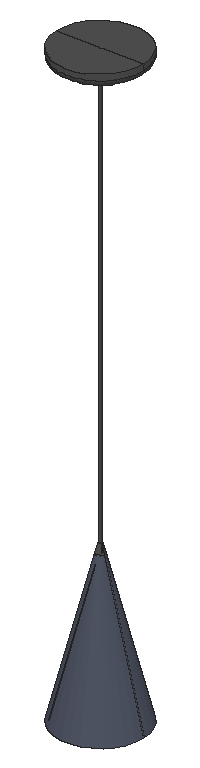
Revit family
Parameters (values of type "60W - Incandescent")
  Wattage = 60 W
  built-in parameter 1150110 = 1 (stored number, unit not read)
  built-in parameter 1114217 = 1 (stored number, unit not read)
  built-in parameter 1150109 = 1 (stored number, unit not read)
  built-in parameter 1150134 = 4
  built-in parameter 1150113 = 1 (stored number, unit not read)
  built-in parameter 1150115 = 1 (stored number, unit not read)
  built-in parameter 1150105 = 57.296 (stored number, unit not read)
  Light Source Symbol Size = 0' - 1"
  built-in parameter 1150137 = 1
  built-in parameter 1150139 = (empty or 0)
  built-in parameter 1150112 = 1 (stored number, unit not read)
  built-in parameter 1150114 = 1 (stored number, unit not read)
  Lamp = ""
  built-in parameter 1150132 = (empty or 0)
  built-in parameter 1150102 = (empty or 0)
  built-in parameter 1150138 = (empty or 0)
  built-in parameter 1150107 = 2800 (stored number, unit not read)
  built-in parameter 1150106 = 0.57296 (stored number, unit not read)
  built-in parameter 1150104 = 1.1148 (stored number, unit not read)
  Dimming Lamp Color Temperature Shift = (empty or 0)
  Color Filter = 16777215
  built-in parameter 1140040 [instance] = 1
  Ballast Voltage = 120 V
  Ballast Number of Poles = 1
  built-in parameter 1114218 = 1 (stored number, unit not read)
  built-in parameter 1150133 = 10 (stored number, unit not read)
  Assembly Code = "D5020220"
  Ceiling Mount Material = Metal - Chrome
  Drop From Ceiling [instance] = 2' - 0"
  Shade Material = Porcelain - Blue
  Lumens = 720 lm
  Type Comments = ""
  Wattage Comments = ""
  Apparent Load = 150 VA
Types (3): name | Wattage | built-in parameter 1150105 | built-in parameter 1150106 | Lumens | Apparent Load
  (no name) | 60 W | 57.296 (stored number, unit not read) | 0.57296 (stored number, unit not read) | 720 lm | 150 VA
  60W - Incandescent | 60 W | 57.296 (stored number, unit not read) | 0.57296 (stored number, unit not read) | 720 lm | 150 VA
  40W - Incandescent | 40 W | 38.197 (stored number, unit not read) | 0.38197 (stored number, unit not read) | 480 lm | 100 VA
Reference planes (in)
  plane 1 "Light Axis": y = 0
  plane 2 "Ceiling": z = 96
  plane 3 "Light Axis": x = 0
  plane 4 "Light Source Elevation": z = 72
  plane 5: z = 75
  plane 6: z = 68
  plane 7: z = 75.5
  plane 8: x = -2
Forms (in)
  Revolve 1, solid, material "Metal - Chrome" <- "Ceiling Mount Material"
    sketch origin (0, 0, 0) x (1, 0, 0) y (0, 0, 1)
      loop
        line (0, 96) -> (-2, 96) -> (-2, 95.7251)
        arc (-2, 95.7251) -> (-1.93579, 95.55782) -> (-1.77613, 95.47647) r 0.25
        line (-1.77613, 95.47647) -> (0, 95.28979) -> (0, 96)
      axis (0, 96) -> (0, 95.28979)
    angle from 0 to 360
  Extrusion 2, solid, material "Metal - Chrome" <- "Ceiling Mount Material"
    sketch origin (0, 0, 72) x (0, -1, 0) y (1, 0, 0)
      loop
        circle (0, 0) r 0.0625
    from 3 to 24
  Revolve 3, solid, material "Porcelain - Blue" <- "Shade Material"
    sketch origin (0, 0, 0) x (0, 0, -1) y (1, 0, 0)
      loop
        line (-68, -1.99973) -> (-68, -1.87063) -> (-75, -0.0625) -> (-75, -0.1916) -> (-68, -1.99973)
      axis (-68, 0) -> (-75, 0)
    angle from 0 to 360
  Revolve 4, solid, material "Metal - Chrome" <- "Ceiling Mount Material"
    sketch origin (0, 0, 0) x (0, 0, -1) y (1, 0, 0)
      loop
        line (-75, -0.1916) -> (-75, 0) -> (-75.5, 0) -> (-75.5, -0.05763) -> (-75, -0.1916)
      axis (-75.5, 0) -> (-75, 0)
    angle from 0 to 360
Cuts and joins
  joined: Revolve 1, Extrusion 2
Dimensions and locks (in)
  equal spacing: host sketch curve, plane 3 "Light Axis", host sketch curve
  equal spacing: host sketch curve, plane 1 "Light Axis", host sketch curve
  host sketch curve to host sketch curve = 10' - 0"  (x2)
  "Drop From Ceiling": plane 2 "Ceiling" to plane 4 "Light Source Elevation"
  locked: plane 7 to plane 5 at 0.5
  locked: plane 7 to plane 6 at 7.5
  locked: plane 4 "Light Source Elevation" to plane 6 at 4
  aligned and locked: plane 2 "Ceiling" to Extrusion 2
  aligned and locked: plane 3 "Light Axis" to imposter light
  aligned and locked: plane 1 "Light Axis" to imposter light
  aligned and locked: plane 4 "Light Source Elevation" to imposter light
  aligned and locked: Extrusion 2 to plane 5
  aligned and locked: plane 3 "Light Axis" to Revolve 3 sketch curve
Automatic sketch dimensions
  Extrusion 2 sketch curve to plane 3 "Light Axis" = 0' - 0"
  Extrusion 2 sketch curve to plane 1 "Light Axis" = 0' - 0"
  Extrusion 2 sketch curve to plane 1 "Light Axis" = 0' - 0 1/16"
  Revolve 3 sketch curve to plane 5 = 0' - 0"
  Revolve 3 sketch curve to plane 6 = 0' - 0"
  Revolve 3 sketch curve to plane 5 = 0' - 0 1/2"
  Revolve 3 sketch curve to plane 4 "Light Source Elevation" = 0' - 1 1/4"
  Revolve 3 sketch curve to plane 8 = 0' - 0.00027"
  Revolve 3 sketch curve to Revolve 3 sketch curve = 0' - 0.1291"
  Revolve 3 sketch curve to plane 3 "Light Axis" = 0' - 0.1916"
  Revolve 3 sketch curve to plane 3 "Light Axis" = 0' - 0 1/16"
  Revolve 1 sketch curve to plane 2 "Ceiling" = 0' - 0"
  Revolve 1 sketch curve to plane 8 = 0' - 0"
  Revolve 1 sketch curve to plane 3 "Light Axis" = 0' - 0"  (x2)
  Revolve 1 sketch curve to plane 8 = 0' - 0.22387"
  Revolve 1 sketch curve to plane 8 = 0' - 0 1/4"
  Revolve 1 sketch curve to plane 2 "Ceiling" = 0' - 0.2749"
  Revolve 1 sketch curve to plane 2 "Ceiling" = 0' - 0.71021"
  plane 2 "Ceiling" to Revolve 1 sketch curve = 0' - 0 1/2"
  Revolve 1 sketch curve to Revolve 1 sketch curve = 0' - 2 1/2"
  Revolve 4 sketch curve to plane 7 = 0' - 0"
  Revolve 4 sketch curve to plane 5 = 0' - 0"
  Revolve 4 sketch curve to plane 3 "Light Axis" = 0' - 0"  (x2)
  Revolve 4 sketch curve to plane 5 = 0' - 0 1/2"
  Revolve 4 sketch curve to Revolve 4 sketch curve = 0' - 0.36801"
  Revolve 4 sketch curve to plane 3 "Light Axis" = 0' - 0.05763"
  Revolve 4 sketch curve to plane 3 "Light Axis" = 0' - 0.1916"
